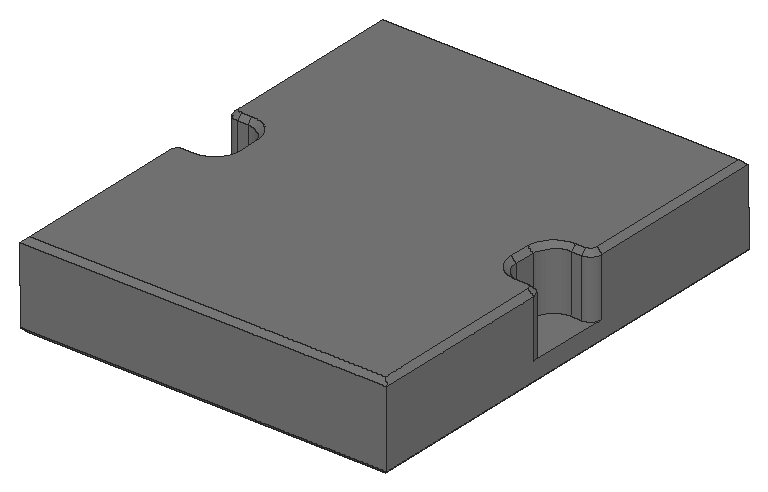
Revit family "Control_Unit-Lutron-QS_Contact_Closure_Control_Interface", category Lighting Devices, host Face, Revit 2017
Family settings
  Host = Face
  Maintain Annotation Orientation = Yes
  Round Connector Dimension = Use Radius
  Part Type = Normal
  OmniClass Number = 23.85.80.11
  OmniClass Title = Building Controls
  Cut with Voids When Loaded = No
  Shared = No
  Room Calculation Point = No
Parameters (values of type "QSE-IO")
  Warranty URL = "http://www.lutron.com/en-US/Service-Support/Pages/Service/Warranty/Warranty.aspx"
  Voltage = 36 V
  Video Link = "https://www.youtube.com/user/LutronElectronicsInc"
  Version = "2017 - v1.0b"  # constant formula
  Type Comments = ""
  Support Phone = "(224) 699-9545"  # constant formula
  Support Email = "mailto: support@anguleris.com"
  Product Page URL = "http://www.lutron.com/en-US/Products/Pages/SingleRoomControls/GrafikEyeQS/ModelNumbers.aspx"
  Product Name = "QSE-IO Control Interface"
  Product Documentation Link = "http://www.lutron.com/TechnicalDocumentLibrary/qse-io.pdf"
  Performance URL = "http://www.lutron.com/en-US/Service-Support/Pages/Technical/PerfomanceSpecs.aspx"
  Overall Width = 0' - 5 1/4"
  Overall Height = 0' - 4 1/4"
  Operating Voltage = "24 V - 36 V"
  URL = "http://www.lutron.com"
  Series = "QS"
  Overall Depth = 0' - 1"
  Number of Poles = 1
  Mounting Reveal Height = 0' - 0.738"
  Mounting Reveal Depth = 0' - 0.27"
  Mount Reveal Width Center Offset = 0' - 3 1/4"
  Mount Edge Curve Radius = Mount Edge Curve Diameter / 2  # 0' - 0 1/8"
  Mount Edge Curve Diameter = 0' - 0 1/4"
  Mount Cutout Depth = 0' - 0.789"
  Mount Center Curve Radius = Mount Center Curve Diameter / 2  # 0' - 0 1/4"
  Mount Center Curve Diameter = 0' - 0 1/2"
  Model = "QSE-IO"
  Minimum Operating Temperature = 32 °F
  Maximum Operating Temperature = 104 °F
  Manufacturer Phone Number = "610-282-3800"  # constant formula
  Manufacturer Fax Number = "610-282-1243"  # constant formula
  Manufacturer Email = "mailto:support@lutron.com"
  Manufacturer Address = "7200 Suter Rd, Coopersburg, PA 18036"  # constant formula
  Manufacturer = "Lutron Electronics Co., Inc"  # constant formula
  Load Classification = Power
  Label = "IO"
  Keynote = ""
  Instruction Sheet Link = "http://www.lutron.com/TechnicalDocumentLibrary/040245aENG.pdf"
  Description = "QSE-IO Control Interface"
  Default Elevation = 4' - 0"
  Current = 0.1 A
  Cost Info = "mailto:sales@lutron.com"
  Cost = 0
  Copyright = "© 2019 Lutron Electronics Co., Inc."  # constant formula
  Controller Material = Plastic - Lutron - Black
  Chamfer Edge = 0' - 0.059"
  Assembly Code = "D5020200"
  Apparent Power = Voltage * Current  # 3.6 VA
  Annotation Symbol Visibility [instance] = yes
Reference planes (in)
  plane 1 "Center (Front/Back)": y = 0
  plane 2: z = 0
  plane 3 "Center (Left/Right)": x = 0
  plane 4: z = 1
  plane 5: x = 2.125
  plane 6: x = -2.125
  plane 7: y = 2.625
  plane 8: y = -2.625
  plane 9: y = 2.566
  plane 10: y = -2.566
  plane 11: z = 0.941
  plane 12: y = 2.684
  plane 13: z = 0.059
  plane 14: y = 2.566
  plane 15: y = 0.369
  plane 16: y = -0.369
  plane 17: x = -1.625
  plane 18: x = 1.625
  plane 19: z = 0.27
  plane 20: x = -1.625
  plane 21: x = 1.625
  plane 22: y = 0.369
  plane 23: y = -0.369
Forms (in)
  Sweep 1, void
    path origin (0, 0, 1) x (1, 0, 0) y (0, 1, 0)
      loop
        line (-2.125, 2.625) -> (-2.125, 0.494)
        arc (-2.125, 0.494) -> (-2.08839, 0.40561) -> (-2, 0.369) r 0.125
        line (-2, 0.369) -> (-1.875, 0.369)
        arc (-1.875, 0.369) -> (-1.69822, 0.29578) -> (-1.625, 0.119) r 0.25
        line (-1.625, 0.119) -> (-1.625, -0.119)
        arc (-1.625, -0.119) -> (-1.69822, -0.29578) -> (-1.875, -0.369) r 0.25
        line (-1.875, -0.369) -> (-2, -0.369)
        arc (-2, -0.369) -> (-2.08839, -0.40561) -> (-2.125, -0.494) r 0.125
        line (-2.125, -0.494) -> (-2.125, -2.625) -> (2.125, -2.625) -> (2.125, -0.494)
        arc (2.125, -0.494) -> (2.08839, -0.40561) -> (2, -0.369) r 0.125
        line (2, -0.369) -> (1.875, -0.369)
        arc (1.875, -0.369) -> (1.69822, -0.29578) -> (1.625, -0.119) r 0.25
        line (1.625, -0.119) -> (1.625, 0.119)
        arc (1.625, 0.119) -> (1.69822, 0.29578) -> (1.875, 0.369) r 0.25
        line (1.875, 0.369) -> (2, 0.369)
        arc (2, 0.369) -> (2.08839, 0.40561) -> (2.125, 0.494) r 0.125
        line (2.125, 0.494) -> (2.125, 2.625) -> (-2.125, 2.625)
    profile origin (0, 2.625, 1) x (0, 1, 0) y (0, 0, 1)
      loop
        line (-0.059, 0) -> (0, -0.059) -> (0, 0) -> (-0.059, 0)
  Sweep 2, void
    path origin (0, 0, 0) x (1, 0, 0) y (0, 1, 0)
      loop
        line (-2.125, 2.625) -> (-2.125, -2.625) -> (2.125, -2.625) -> (2.125, 2.625) -> (-2.125, 2.625)
    profile origin (0, 2.625, 0) x (0, 1, 0) y (0, 0, 1)
      loop
        line (0, 0.059) -> (-0.059, 0) -> (0, 0) -> (0, 0.059)
  Sweep 3, solid, material "Plastic - Lutron - Black" <- "Controller Material"
    path origin (0, 0, 0) x (1, 0, 0) y (0, 0, 1)
      loop
        line (0, 0.27) -> (0, 1)
    profile origin (0, 0, 0.635) x (-1, 0, 0) y (0, -1, 0)
      loop
        line (2.125, -2.625) -> (2.125, -0.494)
        arc (2.125, -0.494) -> (2.08839, -0.40561) -> (2, -0.369) r 0.125
        line (2, -0.369) -> (1.875, -0.369)
        arc (1.875, -0.369) -> (1.69822, -0.29578) -> (1.625, -0.119) r 0.25
        line (1.625, -0.119) -> (1.625, 0.119)
        arc (1.625, 0.119) -> (1.69822, 0.29578) -> (1.875, 0.369) r 0.25
        line (1.875, 0.369) -> (2, 0.369)
        arc (2, 0.369) -> (2.08839, 0.40561) -> (2.125, 0.494) r 0.125
        line (2.125, 0.494) -> (2.125, 2.625) -> (-2.125, 2.625) -> (-2.125, 0.494)
        arc (-2.125, 0.494) -> (-2.08839, 0.40561) -> (-2, 0.369) r 0.125
        line (-2, 0.369) -> (-1.875, 0.369)
        arc (-1.875, 0.369) -> (-1.69822, 0.29578) -> (-1.625, 0.119) r 0.25
        line (-1.625, 0.119) -> (-1.625, -0.119)
        arc (-1.625, -0.119) -> (-1.69822, -0.29578) -> (-1.875, -0.369) r 0.25
        line (-1.875, -0.369) -> (-2, -0.369)
        arc (-2, -0.369) -> (-2.08839, -0.40561) -> (-2.125, -0.494) r 0.125
        line (-2.125, -0.494) -> (-2.125, -2.625) -> (2.125, -2.625)
  Sweep 4, solid, material "Plastic - Lutron - Black" <- "Controller Material"
    path origin (0, 0, 0) x (1, 0, 0) y (0, 0, 1)
      loop
        line (0, 0) -> (0, 0.27)
    profile origin (0, 0, 0.135) x (-1, 0, 0) y (0, -1, 0)
      loop
        line (2.125, -2.625) -> (2.125, 2.625) -> (-2.125, 2.625) -> (-2.125, -2.625) -> (2.125, -2.625)
Cuts and joins
  Sweep 1, Sweep 2 cuts Sweep 3
  Sweep 2 cuts Sweep 4
  joined: Sweep 3, Sweep 4
Lines and regions (in)
  Masking region 1, detail levels fine
    outline origin (0, 0, 0) x (1, 0, 0) y (0, 0, 1)
      loop
        line (-2.125, 1) -> (-2.125, 0) -> (2.125, 0) -> (2.125, 1) -> (-2.125, 1)
Dimensions and locks (in)
  "Overall Depth": plane 4 to plane 2
  equal spacing: plane 6, plane 3 "Center (Left/Right)", plane 5
  "Overall Height": plane 6 to plane 5
  equal spacing: plane 7, plane 1 "Center (Front/Back)", plane 8
  "Overall Width": plane 7 to plane 8
  equal spacing: plane 9, plane 1 "Center (Front/Back)", plane 10
  "Chamfer Edge": plane 7 to plane 9
  "Chamfer Edge": plane 4 to plane 11
  equal spacing: plane 12, plane 7, plane 9
  "Chamfer Edge": plane 13 to plane 2
  "Chamfer Edge": plane 7 to plane 14
  equal spacing: plane 17, plane 3 "Center (Left/Right)", plane 18
  equal spacing: plane 16, plane 1 "Center (Front/Back)", plane 15
  "Mount Reveal Width Center Offset": plane 17 to plane 18
  "Mounting Reveal Height": plane 15 to plane 16
  "Mounting Reveal Depth": plane 19 to plane 2
  equal spacing: plane 23, plane 1 "Center (Front/Back)", plane 22
  equal spacing: plane 20, plane 3 "Center (Left/Right)", plane 21
  "Mount Reveal Width Center Offset": plane 20 to plane 21
  "Mounting Reveal Height": plane 22 to plane 23
  "Mount Edge Curve Radius": radius of Sweep 3 sketch curve  (x4)
  "Mount Center Curve Radius": radius of Sweep 3 sketch curve  (x4)
  "Mount Edge Curve Radius": radius of Sweep 1 sketch curve  (x4)
  "Mount Center Curve Radius": radius of Sweep 1 sketch curve  (x4)
  aligned and locked: plane 2 to host face
  aligned and locked: level to host face
  aligned and locked: plane 7 to Sweep 1 sketch curve
  aligned and locked: profile plane to Sweep 2 sketch curve  (x2)
  aligned and locked: plane 14 to Sweep 2 sketch curve
  aligned and locked: plane 13 to Sweep 2 sketch curve
  aligned and locked: Sweep 1 sketch curve to profile plane
  aligned and locked: plane 11 to Sweep 1 sketch curve
  aligned and locked: profile plane to Sweep 1 sketch curve  (x2)
  aligned and locked: plane 9 to Sweep 1 sketch curve
  aligned and locked: plane 3 "Center (Left/Right)" to Sweep 3 sketch curve
  aligned and locked: plane 4 to Sweep 3 sketch curve
  aligned and locked: Sweep 3 sketch curve to Sweep 1  (x2)
  aligned and locked: plane 6 to Sweep 3 sketch curve  (x2)
  aligned and locked: plane 5 to Sweep 3 sketch curve  (x2)
  aligned and locked: plane 6 to Sweep 1 sketch curve
  aligned and locked: plane 5 to Sweep 1 sketch curve
  aligned and locked: plane 19 to Sweep 3 sketch curve
  aligned and locked: plane 3 "Center (Left/Right)" to Sweep 4 sketch curve
  aligned and locked: plane 19 to Sweep 4 sketch curve
  aligned and locked: plane 2 to Sweep 4 sketch curve
  aligned and locked: Sweep 4 sketch curve to Sweep 2  (x4)
  aligned and locked: Sweep 1 sketch curve to plane 22  (x2)
  aligned and locked: Sweep 1 sketch curve to plane 20
  aligned and locked: Sweep 1 sketch curve to plane 23  (x2)
  aligned and locked: plane 21 to Sweep 1 sketch curve
  aligned and locked: plane 1 "Center (Front/Back)" to nested 1
  aligned and locked: plane 3 "Center (Left/Right)" to nested 1
  aligned and locked: Masking region 1 sketch curve to plane 4
  aligned and locked: plane 5 to Masking region 1 sketch curve
  aligned and locked: plane 6 to Masking region 1 sketch curve
  aligned and locked: plane 2 to Masking region 1 sketch curve
  aligned and locked: plane 6 to Sweep 2 sketch curve
  aligned and locked: plane 7 to Sweep 2 sketch curve
  aligned and locked: plane 5 to Sweep 2 sketch curve
  aligned and locked: plane 8 to Sweep 2 sketch curve
Automatic sketch dimensions
  host sketch curve to host sketch curve = 8' - 0"  (x2)
  Sweep 3 sketch curve to plane 15 = 0' - 0"  (x2)
  Sweep 3 sketch curve to plane 17 = 0' - 0"
  plane 16 to Sweep 3 sketch curve = 0' - 0"  (x2)
  Sweep 3 sketch curve to plane 18 = 0' - 0"
  Sweep 1 sketch curve to plane 8 = 0' - 0"
  Sweep 1 sketch curve to plane 6 = 0' - 0"
  Sweep 1 sketch curve to plane 5 = 0' - 0"
Nested families (in)
  nested 1: "Lutron_Lighting_Power_Module_Annotation" at (0, 0, 0), visible <- "Annotation Symbol Visibility", type "QSE-IO", detail levels coarse+medium
Connectors (in)
  electrical at (0, -2.625, 0.5)
    settings: on cut or joined group of Sweep 1, Sweep 2, Sweep 3, Sweep 4, index 1, voltage 0 V, apparent load 0 VA, apparent load phase1 0 VA, apparent load phase2 0 VA, apparent load phase3 0 VA, power factor 1, load classification "Other", number of poles 1, system type 13, power factor state 1, is connector primary yes, connector utility no, sub classification motor no, connector description "Control Connection"
Definition of nested family "Lutron_Lighting_Power_Module_Annotation"
  Parameters (values of type "QSWS2")
    Label = "KP"
  Types (9): name | Label
    QSE-IO | "QSE-IO"
    QSE-CL-4M-D/LQSE-4M-D | "4M"
    QSE-CL-DMX | "DMX"
    PHPM-WBX-120-WH | "WBX"
    LQSE-2DAL-D | "2DAL"
    LQSE-4S10-D | "4S10"
    LQSE-4T10-D | "4T10"
    LQSE-4A-D | "4A"
    QSWS2 | "KP"
  Reference planes (in)
    plane 1: y = 0
    plane 2: x = 0
  Lines and regions (in)
    detail lines, not visible
      curve 1: line (0, 0.12891, 0) -> (0, 0, 0)
    reference lines
      curve 2: line (0, 0.0625, 0) -> (-0.11983, 0.0625, 0)
      curve 3: line (0.10095, -0.04722, 0) -> (0.10095, 0.09386, 0)
      curve 4: line (0.10095, -0.04722, 0) -> (0.28349, -0.04722, 0)
      curve 5: line (0.10095, 0.04579, 0) -> (0.31014, 0.04579, 0)
    detail lines
      curve 6: line (-0.15637, 0.42347, 0) -> (0.15896, 0.42347, 0)
      curve 7: line (-0.15637, 0.12891, 0) -> (-0.15637, 0.42347, 0)
      curve 8: line (0.15896, 0.12891, 0) -> (-0.15637, 0.12891, 0)
      curve 9: line (0.15896, 0.42347, 0) -> (0.15896, 0.12891, 0)
      curve 10: line (0, 0.12891, 0) -> (0, 0, 0)
      curve 11: line (-0.08143, 0, 0) -> (0.08143, 0, 0)
  Text (in)
    label "2DAL" at (0.00317, 0.27539, 0), shows "Label"
  Dimensions and locks (in)
    locked: curve 4 to curve 5 at 0.09301
    locked: curve 1 to curve 3 at 0.10095
    curve 1 to curve 1 = 0' - 0 33/256"
    locked: plane 1 to curve 2 at 0.0625
    equal spacing: curve 11, plane 2, curve 11
    locked: curve 11 to curve 11 at 0.16287
    locked: curve 11 to curve 8 at 0.12891
    aligned and locked: curve 1 to curve 2
    aligned and locked: plane 1 to curve 1
    aligned and locked: curve 1 to plane 2
    aligned and locked: plane 2 to curve 1
    aligned and locked: curve 10 to plane 2
